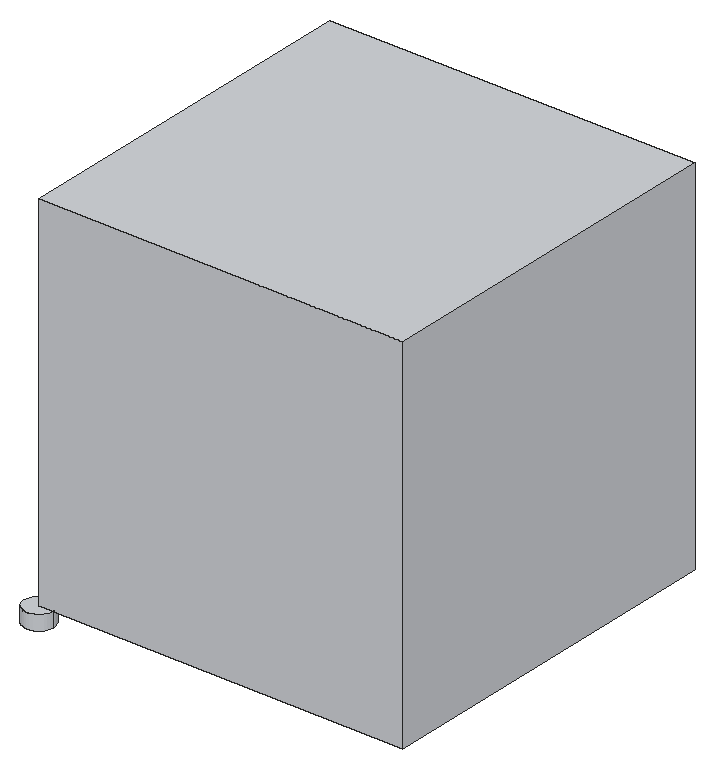
Revit family "EnneadTab_Mapping Rhino Block Placeholder_content", category Generic Models, Revit 2021
Family settings
  Can host rebar = No
  Round Connector Dimension = Use Diameter
  Part Type = Undefined
  Always vertical = No
  Cut with Voids When Loaded = No
  Shared = No
  Room Calculation Point = No
Parameters (values of type "Name type name the same as Rhino block, later replace me with actual design")
  Default Elevation = 0 mm
Reference planes
  plane 1 "Center (Front/Back)": y = 0
  plane 2 "Center (Left/Right)": x = 0
Nested families
  nested 1: "Coor Cube" at (0, 0, 0), type "SD"
Definition of nested family "Coor Cube"
  Parameters (values of type "Family1")
    Keynote = "ssss"
    Default Elevation = 1219.2 mm
  Types (2): name
    Family1
    node
  Reference planes
    plane 1 "Center (Front/Back)": y = 0
    plane 2: z = 0
    plane 3 "Center (Left/Right)": x = 0
  Forms (mm)
    Extrusion 1, solid
      sketch origin (0, 0, 0) x (1, 0, 0) y (0, 1, 0)
        loop
          circle (0, 0) r 40
      from 0 to -40
    Extrusion 2, solid
      sketch origin (0, 0, 0) x (1, 0, 0) y (0, 1, 0)
        loop
          line (0, 0) -> (1000, 0) -> (1000, 1000) -> (0, 1000) -> (0, 0)
      from 0 to 1000
  Lines and regions (mm)
    model lines
      curve 1: line (0, 0, 0) -> (1260, 0, 0)
      curve 2: line (1260, 0, 0) -> (1228.18, 31.82, 0)
      curve 3: line (1260, 0, 0) -> (1235.251, -24.749, 0)
      curve 4: line (0, 0, 0) -> (0, 1210.503, 0)
      curve 5: line (29.286, 1095.234, 0) -> (44.286, 1069.253, 0)
      curve 6: line (58.435, 1093.777, 0) -> (44.286, 1069.253, 0)
      curve 7: line (44.286, 1069.253, 0) -> (24.196, 1034.431, 0)
      curve 8: line (1298.891, 38.891, 0) -> (1323.64, 14.142, 0)
      curve 9: line (1320.299, 34.976, 0) -> (1302.621, 17.299, 0)
      curve 10: line (0, 0, 1000) -> (0, 0, 1125)
      curve 11: line (24.842, 0, 1135.66) -> (49.842, 0, 1135.66)
      curve 12: line (49.842, 0, 1135.66) -> (24.842, 0, 1110.66)
      curve 13: line (24.842, 0, 1110.66) -> (49.842, 0, 1110.66)
  Dimensions and locks
    aligned and locked: plane 2 to level
